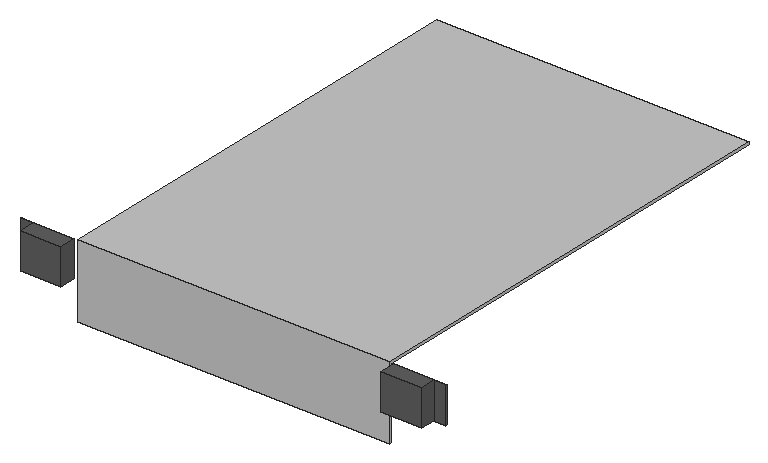
Revit family "AB", category Specialty Equipment, host Floor, Revit 2015
Parameters (values of type "106.5")
  URL = "http://sercoentrematic.com/"
  Model = "AB"
  Manufacturer = "Serco Entrematic"
  Description = "Airbag Leveler"
  LipExtension = 0' - 0"
  PitWidth = 6' - 7"
  PitLength = 9' - 3"
  PitDepthR = PitDepth - 0' 0 1/2"  # 1' - 11 1/2"
  PitDepth = 2' - 0"
  LipLength = 1' - 6"
  Curb = 0' - 3"
  Capacity = "30-50k"
Types (9): name | PitWidth | PitLength | PitDepthR | PitDepth
  6 | 6' - 1" | 5' - 3" | 1' - 7 1/2" | 1' - 8"
  86 | 6' - 1" | 7' - 3" | 1' - 7 1/2" | 1' - 8"
  66.5 | 6' - 7" | 5' - 3" | 1' - 7 1/2" | 1' - 8"
  86.5 | 6' - 7" | 7' - 3" | 1' - 7 1/2" | 1' - 8"
  67 | 7' - 1" | 5' - 3" | 1' - 7 1/2" | 1' - 8"
  87 | 7' - 1" | 7' - 3" | 1' - 7 1/2" | 1' - 8"
  106 | 6' - 1" | 9' - 3" | 1' - 11 1/2" | 2' - 0"
  106.5 | 6' - 7" | 9' - 3" | 1' - 11 1/2" | 2' - 0"
  107 | 7' - 1" | 9' - 3" | 1' - 11 1/2" | 2' - 0"
Reference planes (in)
  plane 1 "Center (Front/Back)": y = 0
  plane 2: z = 0
  plane 3 "Center (Left/Right)": x = 0
  plane 4 "Lip Width": y = -59.5
  plane 5 "pit right": x = 39.5
  plane 6 "Pit left": x = -39.5
  plane 7 "pit rear": y = 51
  plane 8 "curb angle left": x = -42.5
  plane 9: x = -38.5
  plane 10 "curb angle right": x = 42.5
  plane 11: x = 38.5
  plane 12 "curb angle rear": y = 54
  plane 13 "Curb angle - Front": y = -57
  plane 14 "Edge of Dock": y = -60
  plane 15: z = -0.5
  plane 16: z = -23.5
  plane 17: z = -24
  plane 18: y = 39
  plane 19: y = -48
  plane 20 "Lip Length": z = -18
  plane 21: x = 60.5
  plane 22: x = -60.5
  plane 23: z = -3
  plane 24: z = -27
  plane 25: z = 0
  plane 26: z = 0
  plane 27: z = -12
  plane 28: x = 14
  plane 29: x = -52.625
  plane 30: x = -49.625
  plane 31: y = -64
  plane 32: y = -60.25
  plane 33: x = 52.625
  plane 34: x = 49.625
  plane 35: z = -9
Forms (in)
  Extrusion 1, void
    sketch origin (0, 0, 0) x (0, 1, 0) y (0, 0, 1)
      loop
        line (51, 0) -> (-60, 0) -> (-60, -24) -> (-48, -24) -> (39, -23.5) -> (51, -23.5) -> (51, 0)
    from -39.5 to 39.5
  Extrusion 2, solid, material "Serco Diamond"
    sketch origin (0, 0, 0) x (1, 0, 0) y (0, 1, 0)
      loop
        line (-38.5, 51) -> (-38.5, -60) -> (38.5, -60) -> (38.5, 51) -> (-38.5, 51)
    from -0.5 to 0
  Extrusion 3, solid, material "Serco Diamond"
    sketch origin (0, 0, 0) x (1, 0, 0) y (0, 0, 1)
      loop
        line (-38.5, 0) -> (-38.5, -18) -> (38.5, -18) -> (38.5, 0) -> (-38.5, 0)
    from 59.5 to 60
  Extrusion 4, solid, material "BUMPER"
    sketch origin (0, 0, 0) x (-1, 0, 0) y (0, -1, 0)
      loop
        line (39.5, 60) -> (52.625, 60) -> (52.625, 60.25) -> (49.625, 60.25) -> (49.625, 64) -> (39.5, 64) -> (39.5, 60)
      loop
        line (-39.5, 60) -> (-39.5, 64) -> (-49.625, 64) -> (-49.625, 60.25) -> (-52.625, 60.25) -> (-52.625, 60) -> (-39.5, 60)
    from -9 to 0
Cuts and joins
  joined: Extrusion 2, Extrusion 3
Lines and regions (in)
  model lines
    curve 1: line (-42.5, 54, 0) -> (42.5, 54, 0)
    curve 2: line (42.5, 54, 0) -> (42.5, 51, 0)
    curve 3: line (42.5, 51, 0) -> (-42.5, 51, 0)
    curve 4: line (-42.5, 51, 0) -> (-42.5, 54, 0)
    curve 5: line (-42.5, 51, 0) -> (-42.5, -57, 0)
    curve 6: line (-39.5, -57, 0) -> (-39.5, 51, 0)
    curve 7: line (-39.5, -57, 0) -> (-60.5, -57, 0)
    curve 8: line (-60.5, -57, 0) -> (-60.5, -60, 0)
    curve 9: line (-60.5, -60, 0) -> (-39.5, -60, 0)
    curve 10: line (42.5, 51, 0) -> (42.5, -57, 0)
    curve 11: line (39.5, -57, 0) -> (39.5, 51, 0)
    curve 12: line (39.5, -60, 0) -> (60.5, -60, 0)
    curve 13: line (60.5, -60, 0) -> (60.5, -57, 0)
    curve 14: line (60.5, -57, 0) -> (39.5, -57, 0)
    curve 15: line (-60.5, -60, 0) -> (-60.5, -60, -3)
    curve 16: line (-60.5, -60, -3) -> (-39.5, -60, -3)
    curve 17: line (-39.5, -60, -3) -> (-39.5, -60, 0)
    curve 18: line (-42.5, -60, -3) -> (-42.5, -60, -27)
    curve 19: line (-42.5, -60, -24) -> (-39.5, -60, -24)
    curve 20: line (-42.5, -60, -27) -> (42.5, -60, -27)
    curve 21: line (42.5, -60, -27) -> (42.5, -60, -3)
    curve 22: line (39.5, -60, -24) -> (42.5, -60, -24)
    curve 23: line (39.5, -60, -24) -> (39.5, -60, 0)
    curve 24: line (39.5, -60, -3) -> (60.5, -60, -3)
    curve 25: line (60.5, -60, -3) -> (60.5, -60, 0)
    curve 26: line (-39.5, -60, -3) -> (-39.5, -60, -24)
    curve 27: line (-39.5, -60, -24) -> (39.5, -60, -24)
    curve 28: line (-39.5, -57, 0) -> (-39.5, -60, 0)
    curve 29: line (39.5, -57, 0) -> (39.5, -60, 0)
Dimensions and locks (in)
  equal spacing: host sketch curve, plane 1 "Center (Front/Back)", host sketch curve
  equal spacing: host sketch curve, plane 3 "Center (Left/Right)", host sketch curve
  host sketch curve to host sketch curve = 10' - 0"  (x2)
  equal spacing: plane 6 "Pit left", plane 3 "Center (Left/Right)", plane 5 "pit right"
  "PitWidth": plane 6 "Pit left" to plane 5 "pit right"
  "PitLength": plane 14 "Edge of Dock" to plane 7 "pit rear"
  "Curb": plane 8 "curb angle left" to plane 6 "Pit left"
  locked: plane 6 "Pit left" to plane 9 at 1
  locked: plane 11 to plane 5 "pit right" at 1
  "Curb": plane 5 "pit right" to plane 10 "curb angle right"
  "Curb": plane 7 "pit rear" to plane 12 "curb angle rear"
  "Curb": plane 14 "Edge of Dock" to plane 13 "Curb angle - Front"
  "PitDepthR": level to plane 16
  "PitDepth": level to plane 17
  locked: plane 7 "pit rear" to plane 18 at 12
  locked: plane 19 to plane 14 "Edge of Dock" at 12
  "LipLength": level to plane 20 "Lip Length"
  locked: plane 22 to plane 6 "Pit left" at 21
  locked: plane 5 "pit right" to plane 21 at 21
  "LipExtension": plane 26 to level
  locked: plane 24 to plane 17 at 3
  locked: level to plane 15 at 0.5
  locked: plane 14 "Edge of Dock" to plane 4 "Lip Width" at 0.5
  locked: plane 3 "Center (Left/Right)" to plane 28 at 14
  locked: level to plane 27 at 12
  locked: connector elem to plane 7 "pit rear" at 9
  locked: plane 16 to connector elem at 5
  locked: plane 32 to curve 9 at 0.25
  locked: plane 31 to curve 9 at 4
  locked: plane 29 to plane 6 "Pit left" at 13.125
  locked: plane 30 to plane 6 "Pit left" at 10.125
  locked: plane 5 "pit right" to plane 34 at 10.125
  locked: plane 5 "pit right" to plane 33 at 13.125
  locked: level to plane 35 at 9
  aligned and locked: level to plane 2
  aligned and locked: plane 14 "Edge of Dock" to host floor
  aligned and locked: plane 19 to Extrusion 1 sketch curve
  aligned and locked: plane 16 to Extrusion 1 sketch curve
  aligned and locked: Extrusion 1 sketch curve to plane 18
  aligned and locked: plane 17 to Extrusion 1 sketch curve
  aligned and locked: Extrusion 1 sketch curve to plane 14 "Edge of Dock"
  aligned and locked: Extrusion 1 to plane 6 "Pit left"
  aligned and locked: Extrusion 1 to plane 5 "pit right"
  aligned and locked: plane 7 "pit rear" to Extrusion 2 sketch curve
  aligned and locked: Extrusion 2 sketch curve to plane 9
  aligned and locked: Extrusion 2 sketch curve to plane 14 "Edge of Dock"
  aligned and locked: Extrusion 2 to plane 15
  aligned and locked: level to Extrusion 2
  aligned and locked: Extrusion 3 sketch curve to Extrusion 2
  aligned and locked: plane 20 "Lip Length" to Extrusion 3 sketch curve
  aligned and locked: Extrusion 3 sketch curve to plane 11
  aligned and locked: Extrusion 3 to plane 14 "Edge of Dock"
  aligned and locked: Extrusion 3 to plane 4 "Lip Width"
  aligned and locked: Extrusion 2 sketch curve to plane 11
  aligned and locked: curve 7 to plane 13 "Curb angle - Front"
  aligned and locked: curve 8 to plane 22
  aligned and locked: curve 5 to plane 8 "curb angle left"
  aligned and locked: plane 6 "Pit left" to curve 6
  aligned and locked: curve 3 to plane 7 "pit rear"
  aligned and locked: plane 12 "curb angle rear" to curve 1
  aligned and locked: curve 2 to plane 10 "curb angle right"
  aligned and locked: plane 5 "pit right" to curve 11
  aligned and locked: curve 10 to plane 10 "curb angle right"
  aligned and locked: curve 14 to plane 13 "Curb angle - Front"
  aligned and locked: plane 14 "Edge of Dock" to curve 12
  aligned and locked: curve 13 to plane 21
  aligned and locked: plane 24 to curve 18
  aligned and locked: curve 16 to plane 23
  aligned and locked: curve 15 to plane 22
  aligned and locked: plane 6 "Pit left" to curve 17
  aligned and locked: curve 22 to plane 5 "pit right"
  aligned and locked: curve 21 to plane 10 "curb angle right"
  aligned and locked: curve 22 to plane 17
  aligned and locked: curve 25 to plane 21
  aligned and locked: curve 19 to curve 27
  aligned and locked: curve 9 to plane 14 "Edge of Dock"
  aligned and locked: plane 26 to Extrusion 3 sketch curve
  aligned and locked: plane 23 to curve 24
  aligned and locked: plane 24 to curve 20
  aligned and locked: cut or joined group of Extrusion 2, Extrusion 3 to plane 7 "pit rear"
  aligned and locked: plane 32 to Extrusion 4 sketch curve
  aligned and locked: Extrusion 4 sketch curve to plane 29
  aligned and locked: Extrusion 4 sketch curve to plane 30
  aligned and locked: plane 31 to Extrusion 4 sketch curve
  aligned and locked: Extrusion 4 sketch curve to curve 9
  aligned and locked: Extrusion 4 sketch curve to plane 6 "Pit left"
  aligned and locked: Extrusion 4 sketch curve to plane 33
  aligned and locked: plane 34 to Extrusion 4 sketch curve
  aligned and locked: Extrusion 4 sketch curve to plane 5 "pit right"
  aligned and locked: Extrusion 4 sketch curve to plane 31
  aligned and locked: Extrusion 4 sketch curve to plane 32
  aligned and locked: plane 35 to Extrusion 4
  aligned and locked: level to Extrusion 4
Automatic sketch dimensions
  Extrusion 1 sketch curve to level = 0' - 0"
  Extrusion 1 sketch curve to plane 7 "pit rear" = 0' - 0"
  plane 8 "curb angle left" to curve 20 = 0' - 0"
  curve 25 to level = 0' - 0"
  plane 21 to curve 25 = 0' - 0"
  curve 27 to plane 17 = 0' - 0"
  curve 16 to plane 23 = 0' - 0"
  curve 23 to level = 0' - 0"
  curve 17 to level = 0' - 0"
  curve 15 to level = 0' - 0"
  plane 14 "Edge of Dock" to Extrusion 4 sketch curve = 0' - 0"
Connectors (in)
  electrical at (39.5, 42, -18.5)
    settings: on plane 5 "pit right", index 1, voltage 120 V, apparent load 0 VA, apparent load phase1 0 VA, apparent load phase2 0 VA, apparent load phase3 0 VA, power factor 1, load classification "Other", number of poles 1, system type 31, power factor state 1, is connector primary yes, connector utility no, sub classification motor no, connector description ""
